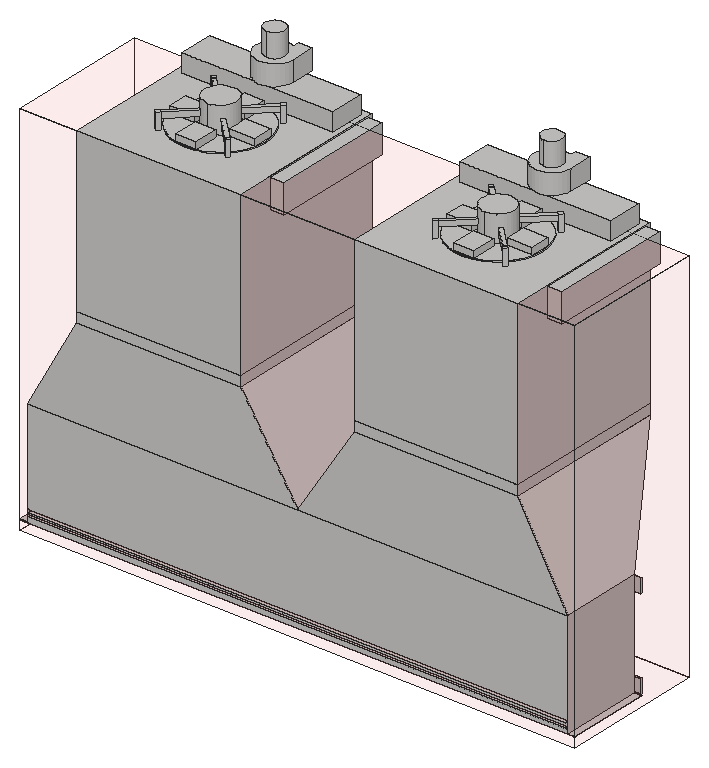
Revit family "Air-Curtain_Industrial_PoweredAire_Gas-Indirect-2Heater", category Mechanical Equipment, host Face, Revit 2018
Family settings
  Host = Face
  Round Connector Dimension = Use Diameter
  Part Type = Normal
  OmniClass Number = 23.75.35.17.21
  OmniClass Title = Air Curtains
  Cut with Voids When Loaded = No
  Shared = No
  Room Calculation Point = No
Parameters
  topbracket [instance] = Unit Height = 1' 4 3/4"  # yes
  Warranty Duration (Years) = 0
  Unit Width Notes = "Other Widths available."  # constant formula
  Unit Width = 9' - 3 5/32"
  Unit Weight = 0
  Unit Height = 1' - 4 3/4"
  Unit Depth = 1' - 9 1/4"
  URL = "http://www.poweredaire.com/"
  Test Data = ""
  Standards Conformance = "as Specified"
  Specification = "http://www.arcat.com/sdspecs/htm04/23_34_33pai.htm"
  SpecWizard = ""
  Sound Pressure = "as Specified"
  Sales Information = "http://www.poweredaire.com/contact_us"
  Revision = "R1_2016-08"
  Projection from Host [instance] = 0' - 2"
  Product Properties = ""
  Product Data = "http://www.arcat.com/arcatcos/cos47/arc47623.html"
  Power Rating = 0 W
  Piping_Operating Pressure [instance] = 0.00 psi
  Pipe OD [instance] = 5/8"
  Overall Depth = 6' - 1 3/4"
  Nozzle Width = if(1 = 1, Unit Width - 0' 3", 0' 0")  # 9' - 0 5/32"
  Mounting Width = if(1 = 1, Unit Width - 0' 1 1/2", 0' 0")  # 9' - 1 21/32"
  Mounting Height [instance] = 3' - 6"
  Motor RPM = 0
  Motor HP = 0
  Motor Count = 0
  Model = "As Specified"
  Max Height = 0' - 0"
  Manufacturer Website = "http://www.poweredaire.com/"
  Manufacturer Phone - Toll Free = "888-321-2473"
  Manufacturer Phone = "724-588-3305"
  Manufacturer Fax = "724-588-3371"
  Manufacturer Address = "109 Mortensen Rd.  Greenville, PA 16125"
  Manufacturer = "Powered Aire, Inc"
  Maintenance Schedule (Months) = 0
  Keynote = "23 34 33"
  Installation-Fabrication = ""
  Installation Phase = ""
  Include Clearance [instance] = yes
  Heating Element Load = 0 W
  Heater Weight = 0
  Heater Hanging Width = 2' - 6 5/8"
  Heater Finish [instance] = Metal - Steel - PoweredAire - Stainless 304
  HVAC_Temperature Rise = 0 °F
  HVAC_Primary CFM = 0 CFM
  HVAC_Outlet Volume = 0 CFM
  HVAC_Outlet Velocity Uniformity = 0
  HVAC_Outlet Velocity = 0 FPM
  HVAC_Exit Temperature [instance] = 0 °F
  HVAC_BTU Output = 0.0 Btu/h
  HVAC_BTU Input = 0.0 Btu/h
  Green Building-LEED = "http://www.arcat.com/green/clients/leed_data_47623.html"
  Gas Connection Diameter [instance] = 0"
  Frame Finish [instance] = Metal - Steel - PoweredAire - Stainless 304
  Expected Lifespan (Years) = 0
  Exhaust Connection Diameter = 0' - 5"
  Electrical_Wattage [instance] = Power Rating + Heating Element Load  # 0 W
  Electrical_Voltage [instance] = 0 V
  Electrical_Phase [instance] = 1
  Electrical_Frequency [instance] = 0 Hz
  Electrical_Amperage [instance] = 0 A
  Drawn By = "Sumex Design, Inc. / Robert S. Weygant, CSI, CDT, SCIP"
  Description = "Powered Aire Air Curtain as Specified"
  Default Elevation = 0' - 0"  # constant formula
  Copyright = "©Arcat Inc."
  Construction Details = "http://www.arcat.com/details/powair/prod3336.html"
  Clearance_Top [instance] = 1' - 0"
  Clearance_Side B [instance] = 0' - 0"
  Clearance_Side A [instance] = 0' - 0"
  Clearance_Intake [instance] = 0' - 0"
  Clearance_Bottom [instance] = 0' - 0"
  Clearance Material [instance] = ARCAT Clearance
  Building Codes = ""
  Available Options [instance] = "as Specified"
  Assembly Code = "D3090400"
Reference planes (in)
  plane 1 "Center (Elevation)": y = 0.13818
  plane 2: z = 0
  plane 3 "Center (Left/Right)": x = 0
  plane 4 "Top": y = 8.51318
  plane 5: y = -8.23682
  plane 6: x = -55.57812
  plane 7: x = 55.57813
  plane 8 "Front": z = 23.25
  plane 9 "FF": y = -41.86182
  plane 10: z = 2
  plane 11: x = 54.07813
  plane 12: x = -54.07812
  plane 13: y = 20.51318
  plane 14: y = -8.23682
  plane 15: x = -55.57812
  plane 16: x = 55.57813
  plane 17: z = 75.75
  plane 18: x = 54.01563
  plane 19: x = -54.01562
  plane 20: x = 54.07813
  plane 21: x = 54.07813
  plane 22: y = 6.01318
  plane 23: y = -5.73682
  plane 24: z = 75.75
  plane 25: z = 43.25
  plane 26: z = 41.25
  plane 27: x = -43.10156
  plane 28: x = -12.47656
  plane 29: x = -44.16406
  plane 30: x = -11.41406
  plane 31: x = 12.47656
  plane 32: x = 43.10156
  plane 33: x = 11.41406
  plane 34: x = 44.16406
  plane 35: x = -27.78906
  plane 36: x = 27.78906
Forms (in)
  Extrusion 1, solid, material "Metal - Steel - PoweredAire - Stainless 304" <- "Frame Finish"
    sketch origin (0, 0, 0) x (0, 1, 0) y (0, 0, 1)
      loop
        line (-8.23682, 2) -> (8.51318, 2) -> (8.51318, 23.25) -> (-8.23682, 23.25) -> (-8.23682, 2)
    from -54.07813 to 54.07812
  Extrusion 2, solid, material "ARCAT Clearance" <- "Clearance Material", visible <- "Include Clearance"
    sketch origin (0, 0, 0) x (0, 1, 0) y (0, 0, 1)
      loop
        line (-8.23682, 75.75) -> (-8.23682, 0) -> (20.51318, 0) -> (20.51318, 75.75) -> (-8.23682, 75.75)
    from -55.57812 to 55.57812
  Extrusion 3, solid, material "Metal - Steel - PoweredAire - Stainless 304" <- "Frame Finish"
    sketch origin (-15.17702, -180, 2) x (-1, 0, 0) y (0, -1, 0)
      loop
        line (-69.25515, -188.51318) -> (-69.25515, -171.76318) -> (-70.75515, -171.76318) -> (-70.75515, -188.51318) -> (-69.25515, -188.51318)
      loop
        line (38.9011, -188.51318) -> (40.4011, -188.51318) -> (40.4011, -171.76318) -> (38.9011, -171.76318) -> (38.9011, -188.51318)
    from 0 to 0.125
  Extrusion 4, solid, material "Metal - Steel - PoweredAire - Stainless 304" <- "Frame Finish", visible <- "topbracket"
    sketch origin (-11.83813, 8.51318, 48) x (-1, 0, 0) y (0, 0, 1)
      loop
        line (-65.91625, -45.5) -> (-65.91625, -42.75) -> (-67.41625, -42.75) -> (-67.41625, -45.5) -> (-65.91625, -45.5)
      loop
        line (-65.91625, -27.5) -> (-65.91625, -24.75) -> (-67.41625, -24.75) -> (-67.41625, -27.5) -> (-65.91625, -27.5)
      loop
        line (42.24, -45.5) -> (43.74, -45.5) -> (43.74, -42.75) -> (42.24, -42.75) -> (42.24, -45.5)
      loop
        line (42.24, -27.5) -> (43.74, -27.5) -> (43.74, -24.75) -> (42.24, -24.75) -> (42.24, -27.5)
    from 0 to -0.125
  Extrusion 5, void
    sketch origin (0, 0, 0) x (0, 1, 0) y (0, 0, 1)
      loop
        line (-8.23682, 3) -> (-7.23682, 3) -> (-7.23682, 4.5) -> (-8.23682, 4.5) -> (-8.23682, 3.82425) -> (-7.38364, 3.82425) -> (-7.38364, 3.57425) -> (-8.23682, 3.57425) -> (-8.23682, 3)
    from -54.01563 to 54.01562
  Blend 6, solid, material "Metal - Steel - PoweredAire - Stainless 304" <- "Frame Finish"
    base sketch origin (-15.17702, -180, 23.25) x (-1, 0, 0) y (0, -1, 0)
      loop
        line (38.9011, -188.51318) -> (38.9011, -171.76318) -> (-15.17702, -171.76318) -> (-15.17702, -188.51318) -> (38.9011, -188.51318)
    top sketch origin (-15.17702, -180, 23.25) x (-1, 0, 0) y (0, -1, 0)
      loop
        line (28.98704, -171.76318) -> (-3.76296, -171.76318) -> (-3.76296, -204.76318) -> (28.98704, -204.76318) -> (28.98704, -171.76318)
    from 0 to 18
  Blend 7, solid, material "Metal - Steel - PoweredAire - Stainless 304" <- "Frame Finish"
    base sketch origin (15.17702, -180, 23.25) x (1, 0, 0) y (0, 1, 0)
      loop
        line (38.9011, 188.51318) -> (-15.17702, 188.51318) -> (-15.17702, 171.76318) -> (38.9011, 171.76318) -> (38.9011, 188.51318)
    top sketch origin (15.17702, -180, 23.25) x (1, 0, 0) y (0, 1, 0)
      loop
        line (28.98704, 171.76318) -> (28.98704, 204.76318) -> (-3.76296, 204.76318) -> (-3.76296, 171.76318) -> (28.98704, 171.76318)
    from 0 to 18
Cuts and joins
  Extrusion 5 cuts Extrusion 1
Dimensions and locks (in)
  equal spacing: plane 4 "Top", plane 1 "Center (Elevation)", plane 5
  "Unit Height": plane 4 "Top" to plane 5
  "Unit Width": plane 6 to plane 7
  "Mounting Height": plane 1 "Center (Elevation)" to plane 9 "FF"
  "Projection from Host": plane 10 to level
  "Unit Depth": plane 8 "Front" to plane 10
  locked: plane 6 to plane 12 at 1.5
  locked: plane 11 to plane 7 at 1.5
  "Clearance_Side A": plane 7 to plane 16
  "Clearance_Side B": plane 15 to plane 6
  "Clearance_Top": plane 13 to plane 4 "Top"
  "Clearance_Bottom": plane 5 to plane 14
  "Clearance_Intake": plane 17 to plane 24
  Extrusion 5 sketch curve to Extrusion 5 sketch curve to Extrusion 5 sketch curve to Extrusion 5 sketch curve to plane 10 = 0' - 0.67575" locked, 0' - 0 1/4" locked, 0' - 0.57425" locked, 0' - 1" locked
  plane 5 to Extrusion 5 sketch curve to Extrusion 5 sketch curve = 0' - 0.85319" locked, 0' - 0.14681" locked
  locked: plane 19 to plane 12 at 0.0625
  locked: plane 11 to plane 18 at 0.0625
  locked: plane 20 to plane 11
  locked: plane 21 to plane 11
  locked: plane 4 "Top" to plane 22 at 2.5
  locked: plane 23 to plane 5 at 2.5
  "Overall Depth": plane 24 to plane 10
  locked: plane 25 to plane 26 at 2
  locked: plane 24 to plane 25 at 32.5
  locked: Blend 6 sketch curve to plane 5 at 33
  Extrusion 4 sketch curve to Extrusion 4 sketch curve to plane 10 = 0' - 2 3/4" locked, 0' - 0 1/2" locked  (x2)
  plane 8 "Front" to Extrusion 4 sketch curve to Extrusion 4 sketch curve = 0' - 0" locked, 0' - 2 3/4" locked  (x2)
  locked: plane 28 to plane 30 at 1.0625
  locked: plane 29 to plane 27 at 1.0625
  locked: plane 32 to plane 34 at 1.0625
  locked: plane 33 to plane 31 at 1.0625
  equal spacing: plane 6, plane 35, plane 3 "Center (Left/Right)", plane 36, plane 7
  equal spacing: plane 27, plane 35, plane 28
  "Heater Hanging Width": plane 27 to plane 28
  equal spacing: plane 31, plane 36, plane 32
  "Heater Hanging Width": plane 31 to plane 32
  locked: Blend 7 sketch curve to plane 5 at 33
  aligned and locked: plane 2 to host face
  aligned and locked: level to host face
  aligned and locked: Extrusion 2 sketch curve to plane 17
  aligned and locked: plane 14 to Extrusion 2 sketch curve
  aligned and locked: level to Extrusion 2 sketch curve
  aligned and locked: Extrusion 2 sketch curve to plane 13
  aligned and locked: plane 16 to Extrusion 2
  aligned and locked: Extrusion 2 to plane 15
  aligned and locked: plane 11 to Extrusion 1
  aligned and locked: Extrusion 1 to plane 12
  aligned and locked: Extrusion 1 sketch curve to plane 8 "Front"
  aligned and locked: plane 24 to nested 1
  aligned and locked: plane 5 to Blend 6 sketch curve
  aligned and locked: plane 12 to Blend 6 sketch curve
  aligned and locked: Blend 6 sketch curve to plane 4 "Top"
  aligned and locked: Blend 6 sketch curve to plane 5
  aligned and locked: plane 26 to Blend 6
  aligned and locked: plane 35 to nested 1
  aligned and locked: plane 36 to nested 2
  aligned and locked: plane 24 to nested 2
  aligned and locked: Blend 6 sketch curve to plane 3 "Center (Left/Right)"
  aligned and locked: Blend 6 sketch curve to plane 29
  aligned and locked: plane 30 to Blend 6 sketch curve
  aligned and locked: Blend 7 sketch curve to plane 5  (x2)
  aligned and locked: Blend 7 sketch curve to plane 3 "Center (Left/Right)"
  aligned and locked: plane 11 to Blend 7 sketch curve
  aligned and locked: Blend 7 sketch curve to plane 4 "Top"
  aligned and locked: plane 33 to Blend 7 sketch curve
  aligned and locked: Blend 7 sketch curve to plane 34
  aligned and locked: plane 18 to cut or joined group of Extrusion 1, Extrusion 5
  aligned and locked: cut or joined group of Extrusion 1, Extrusion 5 to plane 19
Automatic sketch dimensions
  host sketch curve to host sketch curve = 8' - 0"  (x2)
  Extrusion 1 sketch curve to plane 5 = 0' - 0"
  Extrusion 1 sketch curve to plane 4 "Top" = 0' - 0"
  Extrusion 1 sketch curve to plane 10 = 0' - 0"
  plane 4 "Top" to Extrusion 3 sketch curve = 0' - 0"
  Extrusion 3 sketch curve to plane 7 = 0' - 0"
  plane 5 to Extrusion 3 sketch curve = 0' - 0"
  Extrusion 3 sketch curve to plane 11 = 0' - 0"
  Extrusion 3 sketch curve to plane 4 "Top" = 0' - 0"
  Extrusion 3 sketch curve to plane 12 = 0' - 0"
  Extrusion 3 sketch curve to plane 6 = 0' - 0"
  Extrusion 3 sketch curve to plane 5 = 0' - 0"
  Extrusion 4 sketch curve to plane 7 = 0' - 0"  (x2)
  Extrusion 4 sketch curve to plane 11 = 0' - 0"  (x2)
  Extrusion 4 sketch curve to plane 12 = 0' - 0"  (x2)
  Extrusion 4 sketch curve to plane 6 = 0' - 0"  (x2)
  Extrusion 5 sketch curve to plane 5 = 0' - 0"  (x2)
Nested families (in)
  nested 1: "Heater" at (-27.78906, -8.23682, 43.2987) x (1, 0, 0) z (0, 1, 0), finish <- "Heater Finish", burner width <- "Heater Hanging Width", type "Heater"
    with finish Metal - Steel - PoweredAire - Stainless 304, burner width 2' - 6 5/8", Two Fan no, One Fan yes
  nested 2: "Heater" at (27.78906, -8.23682, 43.2987) x (1, 0, 0) z (0, 1, 0), finish <- "Heater Finish", burner width <- "Heater Hanging Width", type "Heater"
    with finish Metal - Steel - PoweredAire - Stainless 304, burner width 2' - 6 5/8", Two Fan no, One Fan yes
Connectors (in)
  electrical at (-54.07812, 0.13818, 12.625), driven by "Electrical_Voltage", driven by "Electrical_Phase"
    settings: on cut or joined group of Extrusion 1, Extrusion 5, index 3, voltage 0 V, apparent load 0 VA, apparent load phase1 0 VA, apparent load phase2 0 VA, apparent load phase3 0 VA, power factor 1, load classification "Motor", number of poles 1, system type 31, power factor state 1, is connector primary yes, connector utility no, sub classification motor no, connector description ""
  hvac at (-24.78906, 24.76318, 81.40625), driven by "Exhaust Connection Diameter", driven by "HVAC_Primary CFM"
    settings: on nested 1, index 4, duct flow 0 CFM, flow factor 0, pres drop 0.00 in-wg, loss coef 0, conn angle 0.00°, conn width 12", conn height 12", conn diameter 5", duct sys type 3, conn prof type 0, flow config 0, flow direction 2, loss method 0, conn ref index -1, conn util no, is conn primary yes, conn desc ""
  hvac at (30.78906, 24.76318, 81.40625), driven by "HVAC_Primary CFM", driven by "Exhaust Connection Diameter"
    settings: on nested 2, index 5, duct flow 0 CFM, flow factor 0, pres drop 0.00 in-wg, loss coef 0, conn angle 0.00°, conn width 12", conn height 12", conn diameter 5", duct sys type 3, conn prof type 0, flow config 0, flow direction 2, loss method 0, conn ref index -1, conn util no, is conn primary no, conn desc ""
Definition of nested family "Heater"
  Parameters
    finish [instance] = none
    burner width [instance] = 4' - 0 5/8"
    burner depth = 3' - 8 3/4"
    Two Fan [instance] = burner width > 4' 0"  # yes
    One Fan [instance] = burner width < 4' 0"  # no
    Default Elevation = 0' - 0"  # constant formula
  Reference planes (in)
    plane 1 "Center (Front/Back)": y = 0
    plane 2: z = 0
    plane 3 "Center (Left/Right)": x = 0
    plane 4: x = -25.375
    plane 5: x = 25.375
    plane 6: z = 33
    plane 7: y = -44.75
    plane 8: x = 3
    plane 9: x = 4.375
    plane 10: x = -12.6875
    plane 11: x = 12.6875
    plane 12: z = 15.5
    plane 13: x = -24.3125
    plane 14: x = 24.3125
  Forms (in)
    Extrusion 1, solid, material <- "finish"
      sketch origin (-74.94554, -3, 38.65968) x (0, 0, 1) y (1, 0, 0)
        loop
          line (-5.65968, 49.57054) -> (-5.65968, 100.32054) -> (-38.65968, 100.32054) -> (-38.65968, 49.57054) -> (-5.65968, 49.57054)
      from 3 to -29.4513
    Extrusion 2, solid, material <- "finish"
      sketch origin (0, 0, 0) x (0, 1, 0) y (0, 0, 1)
        loop
          line (2, 0) -> (2, 33) -> (0, 33) -> (0, 0) -> (2, 0)
      from -25.375 to 25.375
    Extrusion 3, solid, material <- "finish"
      sketch origin (-74.94554, -32.4513, 38.65968) x (0, 0, 1) y (1, 0, 0)
        loop
          line (-6.91591, 50.82971) -> (-6.91591, 99.10844) -> (-13.91591, 99.10844) -> (-13.91591, 50.82971) -> (-6.91591, 50.82971)
      from 0 to -3.625
    Extrusion 4, solid, material <- "finish"
      sketch origin (-74.94554, -36.0763, 38.65968) x (0, 0, 1) y (1, 0, 0)
        loop
          arc (-10.4052, 79.32054) -> (-12.67312, 72.60509) -> (-6.79809, 76.57054) r 3.74068
          line (-6.79809, 76.57054) -> (-5.65968, 76.57054) -> (-5.65968, 79.32054) -> (-10.4052, 79.32054)
      from 0 to -4.0625
    Extrusion 5, solid, material <- "finish"
      sketch origin (-73.58006, -40.1388, 35.52564) x (0, 0, -1) y (1, 0, 0)
        loop
          circle (7.27116, 74.21438) r 2
      from 4.6112 to 0
    Extrusion 6, solid, material <- "finish"
      sketch origin (0, 0, 0) x (1, 0, 0) y (0, 1, 0)
        loop
          line (28.3125, -32.4513) -> (28.3125, -26.7013) -> (25.3125, -26.7013) -> (25.3125, -32.4513) -> (28.3125, -32.4513)
      from 7.25 to 31.75
    Extrusion 7, solid, material <- "finish", visible <- "Two Fan"
      sketch origin (0, 0, 0) x (0, 1, 0) y (0, 0, 1)
        loop
          line (-32.4513, 6.22268) -> (-44.15658, 5.1986) -> (-44.15658, 4.4486) -> (-32.4513, 4.85736) -> (-32.4513, 6.22268)
      from -25.375 to 25.375
  Dimensions and locks (in)
    locked: Extrusion 4 sketch curve to Extrusion 4 sketch curve at 2.75
    "burner width": plane 13 to plane 14
    locked: plane 6 to level at 33
    "burner depth": plane 7 to plane 1 "Center (Front/Back)"
    locked: plane 8 to plane 9 at 1.375
    Extrusion 4 sketch curve to Extrusion 4 sketch curve to plane 8 = 0' - 0.99068" locked, 0' - 1 3/8" locked
    locked: Extrusion 5 sketch curve to plane 8 at 2.36568
    locked: plane 8 to plane 3 "Center (Left/Right)" at 3
    Extrusion 6 sketch curve to plane 5 to Extrusion 6 sketch curve = 0' - 0 1/16" locked, 0' - 2 15/16" locked
    equal spacing: plane 5, plane 11, plane 3 "Center (Left/Right)", plane 10, plane 4
    locked: plane 4 to plane 13 at 1.0625
    locked: plane 14 to plane 5 at 1.0625
    aligned and locked: plane 2 to level
    aligned: Extrusion 4 to Extrusion 5
    aligned: Extrusion 3 to Extrusion 2  (x2)
    aligned and locked: plane 7 to Extrusion 5
    aligned and locked: plane 4 to Extrusion 1 sketch curve
    aligned and locked: Extrusion 1 sketch curve to plane 5
    aligned and locked: Extrusion 7 to plane 4
    aligned and locked: plane 5 to Extrusion 7
    aligned and locked: plane 12 to nested 1
    aligned and locked: plane 3 "Center (Left/Right)" to nested 1
    aligned and locked: plane 12 to nested 3
    aligned and locked: plane 11 to nested 3
    aligned and locked: plane 10 to nested 2
    aligned and locked: plane 12 to nested 2
    aligned and locked: plane 5 to Extrusion 2
    aligned and locked: Extrusion 2 to plane 4
  Automatic sketch dimensions
    Extrusion 1 to Extrusion 3 sketch curve = 0' - 1.25917"
    Extrusion 1 to Extrusion 3 sketch curve = 0' - 8.25624"
    Extrusion 1 to Extrusion 3 sketch curve = 0' - 1.2121"
    Extrusion 1 to Extrusion 3 sketch curve = 0' - 1.25624"
    Extrusion 4 sketch curve to Extrusion 3 = 0' - 0.11782"
    Extrusion 4 sketch curve to Extrusion 3 = 0' - 1.25624"
    Extrusion 5 sketch curve to Extrusion 4 = 0' - 4.74552"
    Extrusion 1 sketch curve to level = 0' - 0"
    Extrusion 1 sketch curve to plane 6 = 0' - 0"
    Extrusion 2 sketch curve to level = 0' - 0"
    Extrusion 2 sketch curve to plane 1 "Center (Front/Back)" = 0' - 0"
    Extrusion 2 sketch curve to plane 6 = 0' - 0"
    Extrusion 2 sketch curve to Extrusion 2 sketch curve = 0' - 2"
    Extrusion 6 sketch curve to plane 7 = 1' - 0.2987"
    Extrusion 6 sketch curve to Extrusion 6 sketch curve = 0' - 5 3/4"
    Extrusion 7 sketch curve to plane 7 = 0' - 0.59342"
    level to Extrusion 7 sketch curve = 0' - 4.4486"
    Extrusion 7 sketch curve to Extrusion 7 sketch curve = 0' - 0 3/4"
    level to Extrusion 7 sketch curve = 0' - 4.85736"
    Extrusion 7 sketch curve to Extrusion 7 sketch curve = 0' - 11.70529"
    Extrusion 7 sketch curve to Extrusion 7 sketch curve = 0' - 1.36532"
    radius of Extrusion 5 sketch curve = 0' - 2"
  Nested families (in)
    nested 1: "FanControls" at (0, -32.4513, 15.5) x (1, 0, 0) z (0, -1, 0), finish <- "finish", visible <- "One Fan", type "FanControls"
      with finish none
    nested 2: "FanControls" at (-12.6875, -32.4513, 15.5) x (1, 0, 0) z (0, -1, 0), finish <- "finish", visible <- "Two Fan", type "FanControls"
      with finish none
    nested 3: "FanControls" at (12.6875, -32.4513, 15.5) x (1, 0, 0) z (0, -1, 0), finish <- "finish", visible <- "Two Fan", type "FanControls"
      with finish none
  Definition of nested family "FanControls"
    Parameters
      finish [instance] = none
      Default Elevation = 4' - 0"
    Reference planes (in)
      plane 1 "Center (Front/Back)": y = 0
      plane 2: z = 0
      plane 3 "Center (Left/Right)": x = 0
    Forms (in)
      Extrusion 1, solid, material <- "finish"
        sketch origin (-75.00804, 32.07233, 0) x (1, 0, 0) y (0, -1, 0)
          loop
            circle (75.00804, 32.07233) r 3.25
        from -5.33075 to 0
      Extrusion 2, solid, material <- "finish"
        sketch origin (24.44581, -78.06044, 0) x (1, 0, 0) y (0, -1, 0)
          loop
            line (-22.50831, -86.58776) -> (-22.50831, -81.58776) -> (-26.50831, -81.58776) -> (-26.50831, -86.58776) -> (-22.50831, -86.58776)
          loop
            line (-22.50831, -69.53312) -> (-26.50831, -69.53312) -> (-26.50831, -74.53312) -> (-22.50831, -74.53312) -> (-22.50831, -69.53312)
          loop
            line (-15.98099, -76.06044) -> (-20.98099, -76.06044) -> (-20.98099, -80.06044) -> (-15.98099, -80.06044) -> (-15.98099, -76.06044)
          loop
            line (-33.03563, -76.06044) -> (-33.03563, -80.06044) -> (-28.03563, -80.06044) -> (-28.03563, -76.06044) -> (-33.03563, -76.06044)
        from 0 to -1.37288
      Extrusion 3, solid, material <- "finish"
        sketch origin (-75.00804, 21.40968, 0) x (1, 0, 0) y (0, -1, 0)
          loop
            line (68.02536, 14.95733) -> (68.55569, 14.427) -> (75.00804, 20.87935) -> (81.46039, 14.427) -> (81.99072, 14.95733) -> (75.53837, 21.40968) -> (81.99072, 27.86203) -> (81.46039, 28.39236) -> (75.00804, 21.94001) -> (68.55569, 28.39236) -> (68.02536, 27.86203) -> (74.47771, 21.40968) -> (68.02536, 14.95733)
        from -3.1123 to -2
      Extrusion 4, solid, material <- "finish"
        sketch origin (-75.00804, 21.40968, 0) x (1, 0, 0) y (0, -1, 0)
          loop
            line (68.02536, 13.89667) -> (68.55569, 14.427) -> (68.02536, 14.95733) -> (67.49503, 14.427) -> (68.02536, 13.89667)
          loop
            line (82.52105, 14.427) -> (81.99072, 14.95733) -> (81.46039, 14.427) -> (81.99072, 13.89667) -> (82.52105, 14.427)
          loop
            line (81.99072, 28.92269) -> (81.46039, 28.39236) -> (81.99072, 27.86203) -> (82.52105, 28.39236) -> (81.99072, 28.92269)
          loop
            line (67.49503, 28.39236) -> (68.02536, 27.86203) -> (68.55569, 28.39236) -> (68.02536, 28.92269) -> (67.49503, 28.39236)
        from 0 to -3.1123
      Extrusion 5, solid, material <- "finish"
        sketch origin (0, 0, 0) x (1, 0, 0) y (0, 1, 0)
          loop
            circle (0, 0) r 9
        from 0 to 0.14961
    Dimensions and locks (in)
      Extrusion 4 sketch curve to Extrusion 4 sketch curve to Extrusion 4 sketch curve to Extrusion 4 sketch curve = 0' - 0.53033" locked, 0' - 0" locked, 0' - 0.53033" locked  (x4)
      Extrusion 3 sketch curve to Extrusion 3 sketch curve to Extrusion 3 sketch curve to Extrusion 3 sketch curve to Extrusion 3 sketch curve = 0' - 5.92202" locked, 0' - 0" locked, 0' - 0.53033" locked, 0' - 0" locked
      Extrusion 3 sketch curve to Extrusion 3 sketch curve to Extrusion 3 sketch curve to Extrusion 3 sketch curve to Extrusion 3 sketch curve = 0' - 0" locked, 0' - 0.53033" locked, 0' - 0" locked, 0' - 5.92202" locked
      locked: Extrusion 2 sketch curve to Extrusion 2 sketch curve at 5  (x2)
      aligned and locked: plane 2 to level
